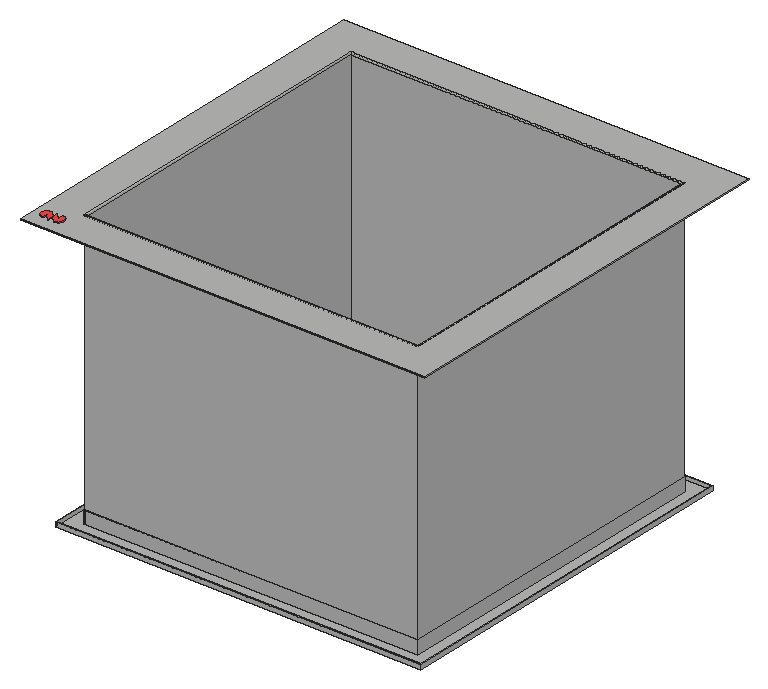
Revit family "NLRS_57_DUA_UN_connection-sleeve-for-bdhn-and-bdvn_LT_sacs", category Duct Accessories, Revit 2022
Family settings
  Round Connector Dimension = Use Diameter
  Part Type = Attaches To
  Work Plane-Based = No
  Always vertical = Yes
  Cut with Voids When Loaded = No
  Shared = Yes
Parameters (values of type "BDOKAD")
  SACS_Width [instance] = 600.00 mm
  SACS_Warning_Text_Size [instance] = if(SACS_Warning_Size, "Invalid size: sizes adjusted!", " ")  # " "
  SACS_Warning_Size [instance] = not(and(SACS_Width = NLRS_M_c01_breedte, SACS_Length = NLRS_M_c01_hoogte))  # no
  SACS_Warning_Sign [instance] = and(not(SACS_Disable_Warning), SACS_Warning_Size)  # no
  SACS_Type_Mark [instance] = ""
  SACS_Product_Cost [instance] = size_lookup(LookupTable, "Product_Cost", 0, SACS_Base_Index * 1.00 mm, SACS_Index1, SACS_Index2)  # 0
  SACS_Price_Date [instance] = size_lookup(LookupTable, "Date", "NB", SACS_Base_Index * 1.00 mm, SACS_Index1, SACS_Index2)  # "10-07-2025"
  SACS_Model [instance] = size_lookup(LookupTable, "Model", "NB", SACS_Base_Index * 1.00 mm, SACS_Index1, SACS_Index2)  # "BDOKAD 600x600"
  SACS_Material = "seawater proof aluminium"  # constant formula
  SACS_Length [instance] = 600.00 mm
  SACS_Index2 [instance] = if(NLRS_M_c01_breedte > NLRS_M_c01_hoogte, NLRS_M_c01_breedte, NLRS_M_c01_hoogte)  # 600.00 mm
  SACS_Index1 [instance] = if(NLRS_M_c01_breedte > NLRS_M_c01_hoogte, NLRS_M_c01_hoogte, NLRS_M_c01_breedte)  # 600.00 mm
  SACS_Gross_Cost [instance] = if(SACS_Warning_Size, SACS_Product_Cost * 1.1, SACS_Product_Cost)  # 0
  SACS_Disable_Warning [instance] = no
  SACS_Base_Index = 4
  SACS_Article_Code [instance] = size_lookup(LookupTable, "Article", "NB", SACS_Base_Index * 1.00 mm, SACS_Index1, SACS_Index2)  # "NB"
  NLRS_M_c01_hoogte [instance] = if(roundup(SACS_Length / 50.00 mm) * 50.00 mm < 600.00 mm, 600.00 mm, if(roundup(SACS_Length / 50.00 mm) * 50.00 mm > 2400.00 mm, 2400.00 mm, roundup(SACS_Length / 50.00 mm) * 50.00 mm))  # 600.00 mm
  NLRS_M_c01_breedte [instance] = if(roundup(SACS_Width / 50.00 mm) * 50.00 mm < 600.00 mm, 600.00 mm, if(roundup(SACS_Width / 50.00 mm) * 50.00 mm > 1800.00 mm, 1800.00 mm, roundup(SACS_Width / 50.00 mm) * 50.00 mm))  # 600.00 mm
  NLRS_C_model [instance] = SACS_Model  # "BDOKAD 600x600"
  NLRS_C_description = Description  # "Connection sleeve BDOKAD for BDHN/BDVN"
  NLRS_C_content_versie = "1.22.01"  # constant formula
  NLRS_C_content_provider = "Solid Air Climate Solutions"  # constant formula
  NLRS_C_content_datum_uitgifte = "25-07-2025"  # constant formula
  NLRS_C_content_creator = "J. Feeke"  # constant formula
  Model = "BDOKAD"  # constant formula
  Manufacturer = "Solid Air Climate Solutions"  # constant formula
  LookupTable = "BDOKAD"  # constant formula
  Description = "Connection sleeve BDOKAD for BDHN/BDVN"  # constant formula
  Default Elevation = 200.00 mm
  Assembly Code = "57.0"
Reference planes
  plane 1 "Center (Front/Back)": y = 0
  plane 2: z = 0
  plane 3 "Center (Left/Right)": x = 0
  plane 4: x = -300
  plane 5: y = 300
  plane 6: x = 300
  plane 7: y = -300
Forms (mm)
  Sweep 1, solid, material "NLRS_57_aluminium_gen_sacs"
    path in 3D
      loop
        line (300, 300, 0) -> (300, -300, 0) -> (-300, -300, 0) -> (-300, 300, 0) -> (300, 300, 0)
    profile "Profile_BDOKAD : Profile_BDOKAD" origin (0, 300, 0) x (0, 1, 0) y (0, 0, 1)
      loop
        line (65, 0) -> (65, 1.5) -> (1, 1.5)
        arc (1, 1.5) -> (-0.768, 0.768) -> (-1.5, -1) r 2.5
        line (-1.5, -1) -> (-1.5, -498.5) -> (0, -498.5) -> (0, -1)
        arc (0, -1) -> (0.293, -0.293) -> (1, 0) r 1
        line (1, 0) -> (65, 0)
  Sweep 2, solid, material "NLRS_57_aluminium_gen_sacs"
    path in 3D
      loop
        line (-300, 300, -498.5) -> (300, 300, -498.5) -> (300, -300, -498.5) -> (-300, -300, -498.5) -> (-300, 300, -498.5)
    profile "DW_Profile : DW_Profile" origin (-300, 0, -498.5) x (1, 0, 0) y (0, 0, -1)
      loop
        line (0, -24) -> (0, 0) -> (1.5, 0) -> (1.5, -24) -> (2.5, -24) -> (2.5, 1) -> (-29, 1) -> (-29, -6.5) -> (-28, -6.5) -> (-28, 0) -> (-1, 0) -> (-1, -24) -> (0, -24)
Lines and regions (mm)
  model lines, not visible
    curve 1: line (-300, 300, 0) -> (300, 300, 0)
    curve 2: line (-300, -300, 0) -> (-300, 300, 0)
    curve 3: line (300, -300, 0) -> (-300, -300, 0)
    curve 4: line (300, 300, 0) -> (300, -300, 0)
  sketch lines
    curve 5: line (-300, 300, 0) -> (300, 300, 0)
    curve 6: line (-300, -300, 0) -> (-300, 300, 0)
    curve 7: line (300, -300, 0) -> (-300, -300, 0)
    curve 8: line (300, 300, 0) -> (300, -300, 0)
    curve 9: line (-300, -300, -498.5) -> (-300, 300, -498.5)
    curve 10: line (300, -300, -498.5) -> (-300, -300, -498.5)
    curve 11: line (300, 300, -498.5) -> (300, -300, -498.5)
    curve 12: line (-300, 300, -498.5) -> (300, 300, -498.5)
Dimensions and locks
  equal spacing: plane 4, plane 3 "Center (Left/Right)", plane 6
  equal spacing: plane 5, plane 1 "Center (Front/Back)", plane 7
  "NLRS_M_c01_breedte": plane 4 to plane 6
  "NLRS_M_c01_hoogte": plane 5 to plane 7
  Sweep 1 to Sweep 2 = 500.00 mm
  locked: nested 1 to plane 4 at 32.5
  locked: plane 7 to nested 1 at 32.5
  aligned and locked: level to plane 2
  aligned and locked: plane 7 to curve 3
  aligned and locked: curve 4 to plane 6
  aligned and locked: curve 1 to plane 5
  aligned and locked: plane 4 to curve 2
  aligned and locked: plane 1 "Center (Front/Back)" to nested 2
  aligned and locked: plane 3 "Center (Left/Right)" to nested 2
Nested families
  nested 1: "logo_SACS" at (-332.5, -332.5, 0), type "logo_SACS"
    with Scale 10.00 mm, Height 1.60 mm
  nested 2: "Warning_R22" at (0, 0, 0), visible <- "SACS_Warning_Sign", type "Warning_R22"
Connectors
  hvac at (0, 0, 1.5), driven by "NLRS_M_c01_hoogte", driven by "NLRS_M_c01_breedte"
    settings: on Sweep 1, index 1, duct flow 0.0 L/s, flow factor 0, pres drop 0.0 Pa, loss coef 0, conn angle 0.00°, conn width 600 mm, conn height 600 mm, conn diameter 609.6 mm, duct sys type 29, conn prof type 1, flow config 0, flow direction 0, loss method 0, conn ref index 2, conn util no, is conn primary yes, conn desc ""
  hvac at (0, 0, -499.5), driven by "NLRS_M_c01_hoogte", driven by "NLRS_M_c01_breedte"
    settings: on Sweep 2, index 2, duct flow 0.0 L/s, flow factor 0, pres drop 0.0 Pa, loss coef 0, conn angle 0.00°, conn width 600 mm, conn height 600 mm, conn diameter 609.6 mm, duct sys type 29, conn prof type 1, flow config 0, flow direction 0, loss method 0, conn ref index 1, conn util no, is conn primary no, conn desc ""
Definition of nested family "logo_SACS"
  Parameters (values of type "logo_SACS")
    Scale = 5.00 mm
    Model = "LOD 400"
    Height = 1.50 mm
    Description = "Model type"
    Default Elevation = 1219.20 mm
  Reference planes
    plane 1 "Center (Front/Back)": y = 0
    plane 2: z = 0
    plane 3 "Center (Left/Right)": x = 0
    plane 4: z = 1.5
    plane 5: x = -10
    plane 6: y = -5
    plane 7: y = 5
    plane 8: x = -5
    plane 9: x = 5
    plane 10: x = 10
  Forms (mm)
    Extrusion 1, solid
      sketch origin (-547.644, -297.937, 0) x (1, 0, 0) y (0, 1, 0)
        loop
          arc (542.644, 302.937) -> (537.644, 297.937) -> (542.644, 292.937) r 5
          line (542.644, 292.937) -> (542.644, 297.937) -> (547.644, 292.937) -> (547.644, 297.937) -> (542.644, 302.937)
      from 0 to 1.5
    Extrusion 2, solid
      sketch origin (0, 0, 0) x (1, 0, 0) y (0, 1, 0)
        loop
          arc (5, -5) -> (10, 0) -> (5, 5) r 5
          line (5, 5) -> (5, 0) -> (0, 5) -> (0, 0) -> (5, -5)
      from 0 to 1.5
  Dimensions and locks
    "Scale": plane 7 to plane 1 "Center (Front/Back)"
    "Scale": plane 6 to plane 1 "Center (Front/Back)"
    "Scale": plane 5 to plane 8
    "Scale": plane 8 to plane 3 "Center (Left/Right)"
    "Scale": plane 3 "Center (Left/Right)" to plane 9
    "Scale": plane 9 to plane 10
    "Height": plane 4 to level
    aligned and locked: level to plane 2
    aligned and locked: plane 4 to Extrusion 1
    aligned and locked: plane 4 to Extrusion 2
  Automatic sketch dimensions
    plane 1 "Center (Front/Back)" to Extrusion 1 sketch curve = 0.00 mm  (x3)
    Extrusion 1 sketch curve to plane 8 = 0.00 mm
    Extrusion 1 sketch curve to plane 7 = 0.00 mm
    Extrusion 1 sketch curve to plane 3 "Center (Left/Right)" = 0.00 mm
    Extrusion 1 sketch curve to plane 6 = 0.00 mm
    Extrusion 2 sketch curve to plane 3 "Center (Left/Right)" = 0.00 mm
    plane 1 "Center (Front/Back)" to Extrusion 2 sketch curve = 0.00 mm  (x3)
    Extrusion 2 sketch curve to plane 6 = 0.00 mm
    Extrusion 2 sketch curve to plane 9 = 0.00 mm
    Extrusion 2 sketch curve to plane 7 = 0.00 mm
Definition of nested family "Warning_R22"
  Parameters (values of type "Warning_R22")
    TW = 51.60 mm * Scale  # 51.60 mm
    TH = 75.00 mm * Scale  # 75.00 mm
    Scale = 1
    CO = 50.00 mm * Scale  # 50.00 mm
    CD = 50.00 mm * Scale  # 50.00 mm
    BW = 40.00 mm * Scale  # 40.00 mm
    BH = 12.00 mm * Scale  # 12.00 mm
  Reference planes
    plane 1 "Center (Front/Back)": y = 0
    plane 2: z = 0
    plane 3 "Center (Left/Right)": x = 0
  Lines and regions (mm)
    Filled region 1, type "Solid Fill - Black", in view "Ref. Level"
      outline origin (0, 0, 0) x (1, 0, 0) y (0, 1, 0)
        loop
          line (-25.8, 75) -> (-20, -12) -> (20, -12) -> (25.8, 75) -> (-25.8, 75)
        loop
          circle (0, -50) r 25
  Dimensions and locks
    equal spacing: Filled region 1 sketch curve, plane 3 "Center (Left/Right)", Filled region 1 sketch curve  (x2)
    "TH": plane 1 "Center (Front/Back)" to Filled region 1 sketch curve
    "BH": Filled region 1 sketch curve to plane 1 "Center (Front/Back)"
    "CO": Filled region 1 sketch curve to plane 1 "Center (Front/Back)"
    "TW": Filled region 1 sketch curve to Filled region 1 sketch curve
    "BW": Filled region 1 sketch curve to Filled region 1 sketch curve
    "CD": diameter of Filled region 1 sketch curve
    aligned and locked: plane 3 "Center (Left/Right)" to Filled region 1 sketch curve
